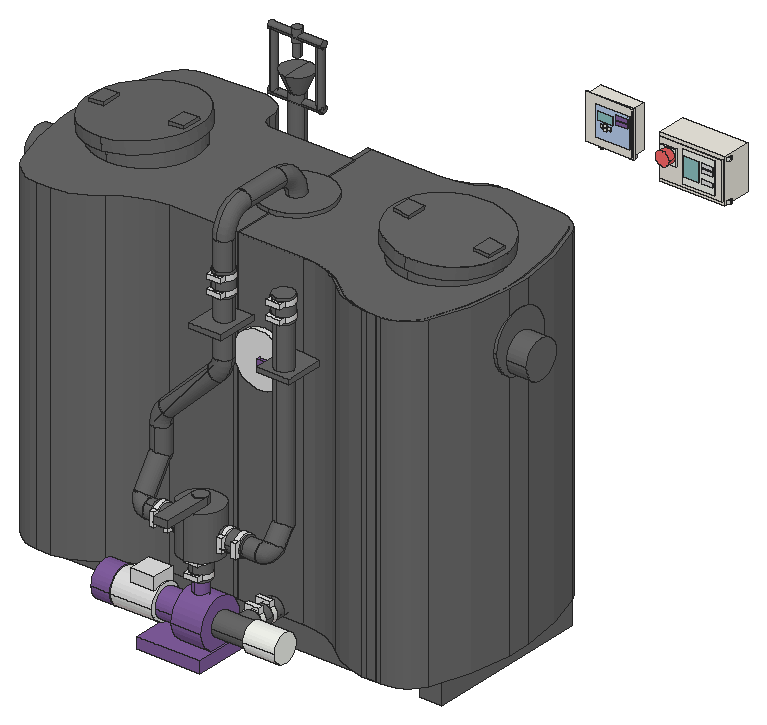
Revit family "93007.02_ms", category Generic Models, Revit 2021
Family settings
  Can host rebar = No
  Round Connector Dimension = Use Diameter
  Part Type = Normal
  Work Plane-Based = No
  Always vertical = Yes
  Cut with Voids When Loaded = No
  Shared = Yes
  Room Calculation Point = No
Parameters (values of type "93007.02_MS")
  SUPPLIER = "KESSEL"
  SA810ID06 = "4026092065044"
  SA810ID03 = "93007.02/MS"
  SA71009ID06 = 3000 W
  SA71009ID05 = 3600 W
  SA71009ID04 = 1
  SA700ID17 = 1255 mm
  SA700ID14 = "ohne Angabe"
  SA700ID13 = 70 mm
  SA700ID09 = 1678 mm
  SA700ID08 = 940 mm
  SA700ID07 = 1910 mm
  SA700ID06 = 700
  SA700ID05 = 7
  SA700ID04 = "Grease separator EasyClean free NS 7, Mix & Pump, SonicControl"
  SA500ID03 = "Sludge trap, integrated"
  SA400ID03 = "PE (Polyethylen)"
  SA250ID03 = "temperierte Umhausung"
  SA200ID03 = "free-standing set-up"
  SA100ID04 = "Abscheideranlage für Fette (Schlammfang und Fettabscheider)"
  PROCUREWEBLINK = "https://p.caden.as/kessel/93007.02%2FMS"
  PROCURELINK = "p.caden.as/kessel/93007.02%2FMS"
  PROCUREDATALASTUPDATE = "2024-05-22T12:18:15.340865712+01:00"
  PRC_SPECIFICATIONLINK = "https://ausschreiben.de/catalog/kessel/catalogItem/1dc75901-4dd0-4659-910a-3110c6bda503"
  NN = "EasyClean free Mix & Pump grease separator"
  NBSYN = "$SA810ID03."
  NB = "93007.02/MS"
  Model = "93007.02/MS"
  Manufacturer = "KESSEL"
  MIdent = "{$CADENAS_DATA/23d-libs/kessel/kessel_vdi_import/40/abscheideranlage20fuer20fette/easyclean_free_mix_pump.prj},210 {STYP=ASS},{VTYP=3D},{NB=93007.02/MS},{LINA=93007.02/MS},{NN=EasyClean free Mix & Pump grease separator},{DATE=21.12.2022 12:04:43},{GEOMDATE=17.11.2022 09:57:07},{VERSION=},{LINEID=220},{WBVAR=},{WBNUMERIC=}  {NB=93007.02/MS},{LINA=93007.02/MS},{KT=DUMMY},{PREVIEW=../../bilder/ksb_w_9300702ms.png},{SA700ID04=Fettabscheider EasyClean free NS 7, Mix & Pump, SonicControl},{SA810ID06=4026092065044},{SA010ID04=KESSEL AG},{SA810ID03=93007.02/MS},{SA100ID04=Abscheideranlage für Fette (Schlammfang und Fettabscheider)},{SA200ID03=Freiaufstellung},{SA400ID03=PE (Polyethylen)},{SA500ID03=Schlammfang integriert},{SA700ID05=7.00},{SA700ID06=700},{SA71009ID04=1},{SA71009ID05=3.60},{SA71009ID06=3.00},{SA250ID03=temperierte Umhausung},{SA700ID07=1910},{SA700ID09=1678},{SA700ID13=70},{SA700ID17=1255},{SA700ID08=940},{SA810ID10=\\\"Der Abscheider für fetthaltiges Abwasser ist für die freie Aufstellung in frostgeschützten Räumen geeignet und verzichtet auf metallische Bauteile im Behälter. Der Sammelbehälter aus dauerhaft beständigem Kunststoff (PE) ist mit einem integrierten Schlammfang ausgestattet und besitzt ein konisch zulaufendes Bodenteil für eine schnelle und saubere Entsorgung. Zwei geruchsdichte Deckel mit Schnellspannverschlüssen ermöglichen einen einfachen Zugang für Reinigungs- und Wartungsarbeiten.Das innovative Schredder-Mix-System mit integriertem Zerhacker übernimmt die Homogenisierung und Umwälzung des Behälterinhaltes. Die Reinigung und geruchsneutrale Entsorgung erfolgt dabei über eine außenliegende Pumpe mit 2-Wege-Ventil und Umschalthebel, die mit einem Absperrschieber vom Behälter getrennt werden kann. Nach der Entsorgung sind nur noch max. 3 Liter Schlammrestvolumen im Behälter vorhanden.Die manuelle Steuerung erfolgt durch ein anwenderfreundliches Schaltgerät, das über einen potentialfreien Kontakt in die Gebäudeleittechnik eingebunden werden kann.Gewährleistung auf den Werkstoff PE 20 Jahre.Ausführung:Absperreinrichtung: jaEntsorgungsart: manuelles Entsorgungs- und ReinigungssystemEntsorgungseinrichtung: EntsorgungspumpeEntsorgungsvariante: Mix & PumpFülleinrichtung nach DIN 1988: jaNenngröße (NS): 7Schauglas: jaSchredder-Mix-System: jaSonicControl: jaWasserversorgung: 1 Schraubventil 1\\\"\\\"Tragfähigkeit (DIN 19901): F3Lieferumfang: Storz-B-Kupplung R 2 1/2 \\\"\\\" für SaugwagenanschlussEinbausituation: freie AufstellungAllgemeine Merkmale:Material: PENorm: EN 1825: 2004, DIN 4040-100Abmessungen:Aufstellfläche Länge: 2.147 mmAufstellfläche Breite: 1.108 mmAufstellfläche Höhe: 1.892 mmEinbringmaß Länge: 1.910 mmEinbringmaß Breite: 940 mmEinbringmaß Höhe: 1.678 mmBehälter/Grundkörper:Zulauf Nennweite (DN): 150 mmZulauf Nennweite (DA): 160 mmAuslauf Nennweite (DN): 150Auslauf Nennweite (DA): 160Abstand Rohrsohle Zulauf zu Behälterboden: 1.255 mmAbstand Rohrsohle Auslauf zu Behälterboden: 1.185 mmAnschluss Zu-/Auslaufstutzen: PE-HD-Rohre nach DIN 19537, HT-Rohre nach DIN 19560, PP oder ASDruckabgang (DA): 75 mmDruckabgang (DN): 65 mmNenndruck (PN): 10Abdeckungsmerkmale:Abdeckungsart: DeckelAbdeckung Material: KunststoffAbdeckung Farbe: violettDichtheit: geruchsdichtVerriegelung: SchnellspannverschlussAbwasserinhalt:Abscheiderinhalt: 650 lGesamtvolumen: 1.350 lSchlammfanginhalt: 700 lSpeichermenge an Fett: 280 lFördereinrichtung:Pumpe: SPF 300 KE 2.0Anzahl Pumpen: 1Förderhöhe max.: 17 mFörderleistung max.: 60 m3/hBetriebsspannung: 400 VNetzfrequenz: 50 HzBetriebsart: S2 - 30 Min.Leistung P1: 3,6 kWLeistung P2: 3 kWDrehzahl: 2.850 U/minErforderliche Absicherung (Leitungsschutz): Absicherung über Schaltgerät 400 VFörderguttemperatur (dauerhaft) max.: 40 °CAnschlusstyp: DirektanschlussGewicht: 44 kgLaufrad Typ: Radiallaufrad mit ZerhackerLänge Netzanschlussleitung Pumpe: 5 mNennstrom: 6,2 ASchutzart Pumpe: IP 55Schutzklasse: ITyp Anschlussleitung Pumpe: H07RN-F 7G 1,5 mm2Temperaturüberwachung: integriertSteuerung:Schaltgerät: jaBetriebsspannung: 400 VNetzfrequenz: 50 HzSelbstdiagnosesystem (SDS): jaBatteriepufferung: neinMehrzeilige Displayanzeige: neinLogbuchfunktion: neinUSB-Schnittstelle: neinGSM-Schnittstelle: neinPotentialfreier Kontakt: jaErforderliche Absicherung (Leitungsschutz): 3 x C 16 AErforderliche Absicherung (RCD): 30 mAMotorschutz Schalter: jaSchutzart Schaltgerät: IP 54\\\"},{SA700ID14=ohne Angabe},{LODLEVEL=0},{CATEGORY3AA=},{CATEGORY3AB=EasyClean free Mix & Pump},{CATEGORY3AC=},{CATEGORY3AD=},{CATEGORY3AE=},{CATEGORY3AF=},{BEZEICHNUNG=},{BREITE=0.0},{TIEFE=MIN},{HOEHE=MIN},{MASSE=MIN},{LOD_=0,'Low'},{LOD_DEU=0,'Low'},{LOD_3DB=93007.02/MS_0},{DNIN1=150},{DNIN2=10},{DNIN3=10},{DNIN4=10},{DNIN5=MIN},{DNIN6=MIN},{DNIN7=MIN},{DNOUT1=150},{DNOUT2=50},{ISD=80},{ISD2=10},{SA960ID03=101},{SA960ID04=3L},{SA960ID08=http://www.kessel.de/info?han=93007.02/MS},{SA010ID01=010},{SA010ID02=40},{SA010ID06=www.kessel.de},{SA010ID08=4026092000007},{SA100ID01=100},{SA100ID02=1},{SA740ID01=740},{SA200ID01=200},{SA200ID02=1},{SA250ID01=250},{SA250ID02=1},{SA400ID01=400},{SA400ID02=1},{SA500ID01=500},{SA500ID02=1},{SA700ID01=700},{SA700ID02=101},{SA700ID14_=0},{SA71009ID01=710.09},{SA71009ID02=1},{SA71009ID03=SPF 300 KE 2.0},{SA71009ID07=IP55},{SA71009ID08=1},{SA71009ID09=1},{SA71009ID10=60},{SA71009ID11=17},{SA810ID01=810},{SA810ID02=101},{SA810ID04=93007.02/MS},{SA810ID07=101},{SA810ID14=PCE},{LINK=http://www.kessel.de/info?han=93007.02/MS},{LINK_=http://www.kessel.de/info?han=93007.02/MS},{LINK_DEU=http://www.kessel.de/info?han=93007.02/MS},{LODLEVELVIS=Low}"
  LINK = "http://www.kessel.de/info?han=93007.02/MS"
  LINA = "93007.02/MS"
  Default Elevation = 0 mm
  CREATOR = "CADENAS GmbH"
  CATALOG = "KESSEL"
  BOMINFO = "LINA"
  ARTICLENO = "NB"
Reference planes
  plane 1 "Center (Front/Back)": y = 0
  plane 2: z = 0
  plane 3 "Center (Left/Right)": x = 0
Dimensions and locks
  aligned and locked: level to plane 2
Nested families
  nested 1: "93007.02_ms_content" at (0, 0, 0), type "93007.02_MS_Content"
  nested 2: "93007.02_ms_part1_X0Y0" at (1000, 1000, 1500), type "93007.02_MS_PART1_X0Y0"
  nested 3: "93007.02_ms_part2_X0Y0" at (600, 1000, 1500), type "93007.02_MS_PART2_X0Y0"
  nested 4: "93007.02_ms_part3_X0Y0" at (0, 0, 0), type "93007.02_MS_PART3_X0Y0"
Connectors
  electrical at (910.5, 933.5, 1478)
    settings: on nested 2, index 1, voltage 0 V, apparent load 0 VA, apparent load phase1 0 VA, apparent load phase2 0 VA, apparent load phase3 0 VA, power factor 1, load classification "Other", number of poles 1, system type 31, power factor state 1, is connector primary yes, connector utility no, sub classification motor no, connector description ""
  electrical at (536, 972.5, 1469)
    settings: on nested 3, index 2, voltage 0 V, apparent load 0 VA, apparent load phase1 0 VA, apparent load phase2 0 VA, apparent load phase3 0 VA, power factor 1, load classification "Other", number of poles 1, system type 31, power factor state 1, is connector primary no, connector utility no, sub classification motor no, connector description ""
  piping at (-1103.3, 0, 1336), diameter 150
    settings: on nested 4, index 3, connector inside diameter 609.6 mm, connector length 0 mm, flow factor 0, pipe flow 0.0 L/s, pressure drop 0.0 Pa, fitting loss kfactor 0, connector angle 0.00°, fixture units 0, engagement length 0 mm, angle of deflection 0.00°, flow configuration 0, flow direction 1, fitting loss method 2, system type 8, joint type 0, gender type 0, connector reference index -1, connector utility 0, adjustable connector no, is connector primary yes, connector description ""
  piping at (1050.4, 0, 1265), diameter 150
    settings: on nested 4, index 4, connector inside diameter 609.6 mm, connector length 0 mm, flow factor 0, pipe flow 0.0 L/s, pressure drop 0.0 Pa, fitting loss kfactor 0, connector angle 0.00°, fixture units 0, engagement length 0 mm, angle of deflection 0.00°, flow configuration 0, flow direction 2, fitting loss method 2, system type 7, joint type 0, gender type 0, connector reference index -1, connector utility 0, adjustable connector no, is connector primary no, connector description ""
  piping at (-306, 386, 1897.9), diameter 10
    settings: on nested 4, index 5, connector inside diameter 609.6 mm, connector length 0 mm, flow factor 0, pipe flow 0.0 L/s, pressure drop 0.0 Pa, fitting loss kfactor 0, connector angle 0.00°, fixture units 0, engagement length 0 mm, angle of deflection 0.00°, flow configuration 0, flow direction 1, fitting loss method 2, system type 8, joint type 0, gender type 0, connector reference index -1, connector utility 0, adjustable connector no, is connector primary no, connector description ""
  piping at (290, -432.5, 1442), diameter 50
    settings: on nested 4, index 6, connector inside diameter 609.6 mm, connector length 0 mm, flow factor 0, pipe flow 0.0 L/s, pressure drop 0.0 Pa, fitting loss kfactor 0, connector angle 0.00°, fixture units 0, engagement length 0 mm, angle of deflection 0.00°, flow configuration 0, flow direction 2, fitting loss method 2, system type 7, joint type 0, gender type 0, connector reference index -1, connector utility 0, adjustable connector no, is connector primary no, connector description ""
  electrical at (-212, -514.5, 248.5)
    settings: on nested 4, index 7, voltage 0 V, apparent load 0 VA, apparent load phase1 0 VA, apparent load phase2 0 VA, apparent load phase3 0 VA, power factor 1, load classification "Other", number of poles 1, system type 31, power factor state 1, is connector primary no, connector utility no, sub classification motor no, connector description ""
Definition of nested family "93007.02_ms_part1_X0Y0"
  Parameters (values of type "93007.02_MS_PART1_X0Y0")
    SUPPLIER = "KESSEL"
    SA810ID06 = "4026092065044"
    SA810ID03 = "93007.02/MS"
    SA71009ID06 = 3000 W
    SA71009ID05 = 3600 W
    SA71009ID04 = 1
    SA700ID17 = 1255 mm
    SA700ID14 = "ohne Angabe"
    SA700ID13 = 70 mm
    SA700ID09 = 1678 mm
    SA700ID08 = 940 mm
    SA700ID07 = 1910 mm
    SA700ID06 = 700
    SA700ID05 = 7
    SA700ID04 = "Grease separator EasyClean free NS 7, Mix & Pump, SonicControl"
    SA500ID03 = "Sludge trap, integrated"
    SA400ID03 = "PE (Polyethylen)"
    SA250ID03 = "temperierte Umhausung"
    SA200ID03 = "free-standing set-up"
    SA100ID04 = "Abscheideranlage für Fette (Schlammfang und Fettabscheider)"
    NBSYN = "$SA810ID03._PART1"
    NB = "93007.02/MS_PART1"
    Model = "93007.02/MS_PART1"
    Manufacturer = "KESSEL"
    MIdent = "{$CADENAS_DATA/23d-libs/kessel/kessel_vdi_import/40/abscheideranlage20fuer20fette/easyclean_free_mix_pump.prj},230 {VTYP=3D},{NB=93007.02/MS_PART1},{LINA=93007.02/MS_PART1},{NN=EasyClean free Mix & Pump grease separator_PART1},{NOPRJ=TRUE},{DATE=21.12.2022 12:04:43},{GEOMDATE=17.11.2022 09:57:07},{VERSION=},{LINEID=220},{WBVAR=},{WBNUMERIC=}  {NB=93007.02/MS_PART1},{LINA=93007.02/MS_PART1},{KT=DUMMY},{PREVIEW=../../bilder/ksb_w_9300702ms.png},{SA700ID04=Fettabscheider EasyClean free NS 7, Mix & Pump, SonicControl},{SA810ID06=4026092065044},{SA010ID04=KESSEL AG},{SA810ID03=93007.02/MS},{SA100ID04=Abscheideranlage für Fette (Schlammfang und Fettabscheider)},{SA200ID03=Freiaufstellung},{SA400ID03=PE (Polyethylen)},{SA500ID03=Schlammfang integriert},{SA700ID05=7.00},{SA700ID06=700},{SA71009ID04=1},{SA71009ID05=3.60},{SA71009ID06=3.00},{SA250ID03=temperierte Umhausung},{SA700ID07=1910},{SA700ID09=1678},{SA700ID13=70},{SA700ID17=1255},{SA700ID08=940},{SA810ID10=\\\"Der Abscheider für fetthaltiges Abwasser ist für die freie Aufstellung in frostgeschützten Räumen geeignet und verzichtet auf metallische Bauteile im Behälter. Der Sammelbehälter aus dauerhaft beständigem Kunststoff (PE) ist mit einem integrierten Schlammfang ausgestattet und besitzt ein konisch zulaufendes Bodenteil für eine schnelle und saubere Entsorgung. Zwei geruchsdichte Deckel mit Schnellspannverschlüssen ermöglichen einen einfachen Zugang für Reinigungs- und Wartungsarbeiten.Das innovative Schredder-Mix-System mit integriertem Zerhacker übernimmt die Homogenisierung und Umwälzung des Behälterinhaltes. Die Reinigung und geruchsneutrale Entsorgung erfolgt dabei über eine außenliegende Pumpe mit 2-Wege-Ventil und Umschalthebel, die mit einem Absperrschieber vom Behälter getrennt werden kann. Nach der Entsorgung sind nur noch max. 3 Liter Schlammrestvolumen im Behälter vorhanden.Die manuelle Steuerung erfolgt durch ein anwenderfreundliches Schaltgerät, das über einen potentialfreien Kontakt in die Gebäudeleittechnik eingebunden werden kann.Gewährleistung auf den Werkstoff PE 20 Jahre.Ausführung:Absperreinrichtung: jaEntsorgungsart: manuelles Entsorgungs- und ReinigungssystemEntsorgungseinrichtung: EntsorgungspumpeEntsorgungsvariante: Mix & PumpFülleinrichtung nach DIN 1988: jaNenngröße (NS): 7Schauglas: jaSchredder-Mix-System: jaSonicControl: jaWasserversorgung: 1 Schraubventil 1\\\"\\\"Tragfähigkeit (DIN 19901): F3Lieferumfang: Storz-B-Kupplung R 2 1/2 \\\"\\\" für SaugwagenanschlussEinbausituation: freie AufstellungAllgemeine Merkmale:Material: PENorm: EN 1825: 2004, DIN 4040-100Abmessungen:Aufstellfläche Länge: 2.147 mmAufstellfläche Breite: 1.108 mmAufstellfläche Höhe: 1.892 mmEinbringmaß Länge: 1.910 mmEinbringmaß Breite: 940 mmEinbringmaß Höhe: 1.678 mmBehälter/Grundkörper:Zulauf Nennweite (DN): 150 mmZulauf Nennweite (DA): 160 mmAuslauf Nennweite (DN): 150Auslauf Nennweite (DA): 160Abstand Rohrsohle Zulauf zu Behälterboden: 1.255 mmAbstand Rohrsohle Auslauf zu Behälterboden: 1.185 mmAnschluss Zu-/Auslaufstutzen: PE-HD-Rohre nach DIN 19537, HT-Rohre nach DIN 19560, PP oder ASDruckabgang (DA): 75 mmDruckabgang (DN): 65 mmNenndruck (PN): 10Abdeckungsmerkmale:Abdeckungsart: DeckelAbdeckung Material: KunststoffAbdeckung Farbe: violettDichtheit: geruchsdichtVerriegelung: SchnellspannverschlussAbwasserinhalt:Abscheiderinhalt: 650 lGesamtvolumen: 1.350 lSchlammfanginhalt: 700 lSpeichermenge an Fett: 280 lFördereinrichtung:Pumpe: SPF 300 KE 2.0Anzahl Pumpen: 1Förderhöhe max.: 17 mFörderleistung max.: 60 m3/hBetriebsspannung: 400 VNetzfrequenz: 50 HzBetriebsart: S2 - 30 Min.Leistung P1: 3,6 kWLeistung P2: 3 kWDrehzahl: 2.850 U/minErforderliche Absicherung (Leitungsschutz): Absicherung über Schaltgerät 400 VFörderguttemperatur (dauerhaft) max.: 40 °CAnschlusstyp: DirektanschlussGewicht: 44 kgLaufrad Typ: Radiallaufrad mit ZerhackerLänge Netzanschlussleitung Pumpe: 5 mNennstrom: 6,2 ASchutzart Pumpe: IP 55Schutzklasse: ITyp Anschlussleitung Pumpe: H07RN-F 7G 1,5 mm2Temperaturüberwachung: integriertSteuerung:Schaltgerät: jaBetriebsspannung: 400 VNetzfrequenz: 50 HzSelbstdiagnosesystem (SDS): jaBatteriepufferung: neinMehrzeilige Displayanzeige: neinLogbuchfunktion: neinUSB-Schnittstelle: neinGSM-Schnittstelle: neinPotentialfreier Kontakt: jaErforderliche Absicherung (Leitungsschutz): 3 x C 16 AErforderliche Absicherung (RCD): 30 mAMotorschutz Schalter: jaSchutzart Schaltgerät: IP 54\\\"},{SA700ID14=ohne Angabe},{LODLEVEL=0},{CATEGORY3AA=},{CATEGORY3AB=EasyClean free Mix & Pump},{CATEGORY3AC=},{CATEGORY3AD=},{CATEGORY3AE=},{CATEGORY3AF=},{BEZEICHNUNG=},{BREITE=0.0},{TIEFE=MIN},{HOEHE=MIN},{MASSE=MIN},{LOD_=0,'Low'},{LOD_DEU=0,'Low'},{LOD_3DB=93007.02/MS_0},{DNIN1=150},{DNIN2=10},{DNIN3=10},{DNIN4=10},{DNIN5=MIN},{DNIN6=MIN},{DNIN7=MIN},{DNOUT1=150},{DNOUT2=50},{ISD=80},{ISD2=10},{SA960ID03=101},{SA960ID04=3L},{SA960ID08=http://www.kessel.de/info?han=93007.02/MS},{SA010ID01=010},{SA010ID02=40},{SA010ID06=www.kessel.de},{SA010ID08=4026092000007},{SA100ID01=100},{SA100ID02=1},{SA740ID01=740},{SA200ID01=200},{SA200ID02=1},{SA250ID01=250},{SA250ID02=1},{SA400ID01=400},{SA400ID02=1},{SA500ID01=500},{SA500ID02=1},{SA700ID01=700},{SA700ID02=101},{SA700ID14_=0},{SA71009ID01=710.09},{SA71009ID02=1},{SA71009ID03=SPF 300 KE 2.0},{SA71009ID07=IP55},{SA71009ID08=1},{SA71009ID09=1},{SA71009ID10=60},{SA71009ID11=17},{SA810ID01=810},{SA810ID02=101},{SA810ID04=93007.02/MS},{SA810ID07=101},{SA810ID14=PCE},{LINK=http://www.kessel.de/info?han=93007.02/MS},{LINK_=http://www.kessel.de/info?han=93007.02/MS},{LINK_DEU=http://www.kessel.de/info?han=93007.02/MS},{LODLEVELVIS=Low}"
    LINK = "http://www.kessel.de/info?han=93007.02/MS"
    LINA = "93007.02/MS_PART1"
    Default Elevation = 1219.2 mm
    CREATOR = "CADENAS GmbH"
    CATALOG = "KESSEL"
    BOMINFO = "LINA"
    ARTICLENO = "NB"
  Reference planes
    plane 1 "Center (Front/Back)": y = 0
    plane 2: z = 0
    plane 3 "Center (Left/Right)": x = 0
  Dimensions and locks
    aligned and locked: level to plane 2
  Nested families
    nested 1: "93007.02_ms_part1_content" at (0, 0, 0), type "93007.02_MS_PART1_Content"
  Definition of nested family "93007.02_ms_part1_content"
    Parameters (values of type "93007.02_MS_PART1_Content")
      SUPPLIER = "KESSEL"
      SA810ID06 = "4026092065044"
      SA810ID03 = "93007.02/MS"
      SA71009ID06 = 3000 W
      SA71009ID05 = 3600 W
      SA71009ID04 = 1
      SA700ID17 = 1255 mm
      SA700ID14 = "ohne Angabe"
      SA700ID13 = 70 mm
      SA700ID09 = 1678 mm
      SA700ID08 = 940 mm
      SA700ID07 = 1910 mm
      SA700ID06 = 700
      SA700ID05 = 7
      SA700ID04 = "Grease separator EasyClean free NS 7, Mix & Pump, SonicControl"
      SA500ID03 = "Sludge trap, integrated"
      SA400ID03 = "PE (Polyethylen)"
      SA250ID03 = "temperierte Umhausung"
      SA200ID03 = "free-standing set-up"
      SA100ID04 = "Abscheideranlage für Fette (Schlammfang und Fettabscheider)"
      NBSYN = "$SA810ID03._PART1"
      NB = "93007.02/MS_PART1"
      Model = "93007.02/MS_PART1"
      Manufacturer = "KESSEL"
      LINK = "http://www.kessel.de/info?han=93007.02/MS"
      LINA = "93007.02/MS_PART1"
      Default Elevation = 1219.2 mm
      CREATOR = "CADENAS GmbH"
      CATALOG = "KESSEL"
      BOMINFO = "LINA"
      ARTICLENO = "NB"
    Reference planes
      plane 1 "Center (Front/Back)": y = 0
      plane 2: z = 0
      plane 3 "Center (Left/Right)": x = 0
    Forms (mm)
      Extrusion 1, solid, detail levels medium+fine
        sketch origin (139, 0, 0) x (0, -1, 0) y (0, 0, 1)
          loop
            line (0, 188) -> (0, 0) -> (122.5, 0) -> (122.5, 188) -> (0, 188)
        from 0 to 278
      Extrusion 2, solid, detail levels medium+fine
        sketch origin (130, -122.5, 14) x (0, -1, 0) y (0, 0, 1)
          loop
            line (0, 160) -> (0, 0) -> (5, 0) -> (5, 160) -> (0, 160)
        from 0 to 269
      Extrusion 3, solid, detail levels medium+fine
        sketch origin (100, -127.5, 26) x (0, -1, 0) y (0, 0, 1)
          loop
            line (-1.5, 135) -> (-1.5, 0) -> (0.2, 0) -> (0.2, 135) -> (-1.5, 135)
        from 0 to 140
      Extrusion 4, solid, detail levels medium+fine
        sketch origin (32.5, -127.7, 55) x (0, -1, 0) y (0, 0, 1)
          loop
            line (-1.5, 79) -> (-1.5, 0) -> (0.1, 0) -> (0.1, 79) -> (-1.5, 79)
        from 0 to 65
      Extrusion 5, solid, detail levels medium+fine
        sketch origin (92.5, -127.7, 97) x (0, -1, 0) y (0, 0, 1)
          loop
            line (-1.5, 16) -> (-1.5, 0) -> (0.1, 0) -> (0.1, 16) -> (-1.5, 16)
        from 0 to 51
      Extrusion 6, solid, detail levels medium+fine
        sketch origin (92.5, -127.7, 55) x (0, -1, 0) y (0, 0, 1)
          loop
            line (-1.5, 16) -> (-1.5, 0) -> (0.1, 0) -> (0.1, 16) -> (-1.5, 16)
        from 0 to 51
      Extrusion 7, solid, detail levels medium+fine
        sketch origin (92.5, -127.7, 118) x (0, -1, 0) y (0, 0, 1)
          loop
            line (-1.5, 16) -> (-1.5, 0) -> (0.1, 0) -> (0.1, 16) -> (-1.5, 16)
        from 0 to 51
      Extrusion 8, solid, detail levels medium+fine
        sketch origin (0.25, -66.5, 1.5) x (0.866025, 0.5, 0) y (0.5, -0.866025, 0)
          loop
            circle (0, 0) r 10
        from 0 to 2.5
      Extrusion 9, solid, detail levels medium+fine
        sketch origin (-63, -127.5, 84) x (0, -1, 0) y (0, 0, 1)
          loop
            line (0, 67) -> (0, 0) -> (7, 0) -> (7, 67) -> (0, 67)
        from 0 to 67
      Extrusion 10, solid, detail levels medium+fine
        sketch origin (-96.5, -134.5, 117.5) x (1, 0, 0) y (0, 0, 1)
          loop
            circle (0, 0) r 29.5
        from 0 to 29
      Extrusion 11, solid, detail levels medium+fine
        sketch origin (30.25, -66.5, 1.5) x (0.866025, 0.5, 0) y (0.5, -0.866025, 0)
          loop
            circle (0, 0) r 10
        from 0 to 2.5
      Extrusion 12, solid, detail levels medium+fine
        sketch origin (60.25, -66.5, 1.5) x (0.866025, 0.5, 0) y (0.5, -0.866025, 0)
          loop
            circle (0, 0) r 10
        from 0 to 2.5
      Extrusion 13, solid, detail levels medium+fine
        sketch origin (-44.5, -66.5, 0) x (0.866025, 0.5, 0) y (0.5, -0.866025, 0)
          loop
            line (0, 17.321) -> (-15, 8.66) -> (-15, -8.66) -> (0, -17.321) -> (15, -8.66) -> (15, 8.66) -> (0, 17.321)
        from 0 to 22
      Extrusion 14, solid, detail levels medium+fine
        sketch origin (-89.5, -66.5, 0) x (0.866025, 0.5, 0) y (0.5, -0.866025, 0)
          loop
            line (0, 17.321) -> (-15, 8.66) -> (-15, -8.66) -> (0, -17.321) -> (15, -8.66) -> (15, 8.66) -> (0, 17.321)
        from 0 to 22
      Extrusion 15, solid, detail levels medium+fine
        sketch origin (-128, 0, 177) x (-1, 0, 0) y (0, 0, 1)
          loop
            circle (0, 0) r 7.5
        from 0 to 2
      Extrusion 16, solid, detail levels medium+fine
        sketch origin (-128, 0, 11) x (-1, 0, 0) y (0, 0, 1)
          loop
            circle (0, 0) r 7.5
        from 0 to 2
      Extrusion 17, solid, detail levels medium+fine
        sketch origin (128, 0, 11) x (-1, 0, 0) y (0, 0, 1)
          loop
            circle (0, 0) r 7.5
        from 0 to 2
      Extrusion 18, solid, detail levels medium+fine
        sketch origin (128, 0, 177) x (-1, 0, 0) y (0, 0, 1)
          loop
            circle (0, 0) r 7.5
        from 0 to 2
      Extrusion 19, solid, detail levels medium+fine
        sketch origin (143.5, -100.5, 170) x (-1, 0, 0) y (0, -1, 0)
          loop
            circle (0, 0) r 5
        from 0 to 14
      Extrusion 20, solid, detail levels medium+fine
        sketch origin (139, -100.5, 170) x (0, -1, 0) y (1, 0, 0)
          loop
            line (0, 9.5) -> (0, 0) -> (20, 0) -> (0, 9.5)
        from 0 to 14
      Extrusion 21, solid, detail levels medium+fine
        sketch origin (143.5, -100.5, 4) x (-1, 0, 0) y (0, -1, 0)
          loop
            circle (0, 0) r 5
        from 0 to 14
      Extrusion 22, solid, detail levels medium+fine
        sketch origin (139, -100.5, 4) x (0, -1, 0) y (1, 0, 0)
          loop
            line (0, 9.5) -> (0, 0) -> (20, 0) -> (0, 9.5)
        from 0 to 14
      Extrusion 23, solid, detail levels coarse
        sketch origin (4.75, -80.75, -22) x (1, 0, 0) y (0, 1, 0)
          loop
            line (-143.75, -82.75) -> (143.75, -82.75) -> (143.75, 82.75) -> (-143.75, 82.75) -> (-143.75, -82.75)
        from 0 to 210
    Dimensions and locks
      aligned and locked: level to plane 2
Definition of nested family "93007.02_ms_part2_X0Y0"
  Parameters (values of type "93007.02_MS_PART2_X0Y0")
    SUPPLIER = "KESSEL"
    SA810ID06 = "4026092065044"
    SA810ID03 = "93007.02/MS"
    SA71009ID06 = 3000 W
    SA71009ID05 = 3600 W
    SA71009ID04 = 1
    SA700ID17 = 1255 mm
    SA700ID14 = "ohne Angabe"
    SA700ID13 = 70 mm
    SA700ID09 = 1678 mm
    SA700ID08 = 940 mm
    SA700ID07 = 1910 mm
    SA700ID06 = 700
    SA700ID05 = 7
    SA700ID04 = "Grease separator EasyClean free NS 7, Mix & Pump, SonicControl"
    SA500ID03 = "Sludge trap, integrated"
    SA400ID03 = "PE (Polyethylen)"
    SA250ID03 = "temperierte Umhausung"
    SA200ID03 = "free-standing set-up"
    SA100ID04 = "Abscheideranlage für Fette (Schlammfang und Fettabscheider)"
    NBSYN = "$SA810ID03._PART2"
    NB = "93007.02/MS_PART2"
    Model = "93007.02/MS_PART2"
    Manufacturer = "KESSEL"
    MIdent = "{$CADENAS_DATA/23d-libs/kessel/kessel_vdi_import/40/abscheideranlage20fuer20fette/easyclean_free_mix_pump.prj},230 {VTYP=3D},{NB=93007.02/MS_PART2},{LINA=93007.02/MS_PART2},{NN=EasyClean free Mix & Pump grease separator_PART2},{NOPRJ=TRUE},{DATE=21.12.2022 12:04:43},{GEOMDATE=17.11.2022 09:57:07},{VERSION=},{LINEID=220},{WBVAR=},{WBNUMERIC=}  {NB=93007.02/MS_PART2},{LINA=93007.02/MS_PART2},{KT=DUMMY},{PREVIEW=../../bilder/ksb_w_9300702ms.png},{SA700ID04=Fettabscheider EasyClean free NS 7, Mix & Pump, SonicControl},{SA810ID06=4026092065044},{SA010ID04=KESSEL AG},{SA810ID03=93007.02/MS},{SA100ID04=Abscheideranlage für Fette (Schlammfang und Fettabscheider)},{SA200ID03=Freiaufstellung},{SA400ID03=PE (Polyethylen)},{SA500ID03=Schlammfang integriert},{SA700ID05=7.00},{SA700ID06=700},{SA71009ID04=1},{SA71009ID05=3.60},{SA71009ID06=3.00},{SA250ID03=temperierte Umhausung},{SA700ID07=1910},{SA700ID09=1678},{SA700ID13=70},{SA700ID17=1255},{SA700ID08=940},{SA810ID10=\\\"Der Abscheider für fetthaltiges Abwasser ist für die freie Aufstellung in frostgeschützten Räumen geeignet und verzichtet auf metallische Bauteile im Behälter. Der Sammelbehälter aus dauerhaft beständigem Kunststoff (PE) ist mit einem integrierten Schlammfang ausgestattet und besitzt ein konisch zulaufendes Bodenteil für eine schnelle und saubere Entsorgung. Zwei geruchsdichte Deckel mit Schnellspannverschlüssen ermöglichen einen einfachen Zugang für Reinigungs- und Wartungsarbeiten.Das innovative Schredder-Mix-System mit integriertem Zerhacker übernimmt die Homogenisierung und Umwälzung des Behälterinhaltes. Die Reinigung und geruchsneutrale Entsorgung erfolgt dabei über eine außenliegende Pumpe mit 2-Wege-Ventil und Umschalthebel, die mit einem Absperrschieber vom Behälter getrennt werden kann. Nach der Entsorgung sind nur noch max. 3 Liter Schlammrestvolumen im Behälter vorhanden.Die manuelle Steuerung erfolgt durch ein anwenderfreundliches Schaltgerät, das über einen potentialfreien Kontakt in die Gebäudeleittechnik eingebunden werden kann.Gewährleistung auf den Werkstoff PE 20 Jahre.Ausführung:Absperreinrichtung: jaEntsorgungsart: manuelles Entsorgungs- und ReinigungssystemEntsorgungseinrichtung: EntsorgungspumpeEntsorgungsvariante: Mix & PumpFülleinrichtung nach DIN 1988: jaNenngröße (NS): 7Schauglas: jaSchredder-Mix-System: jaSonicControl: jaWasserversorgung: 1 Schraubventil 1\\\"\\\"Tragfähigkeit (DIN 19901): F3Lieferumfang: Storz-B-Kupplung R 2 1/2 \\\"\\\" für SaugwagenanschlussEinbausituation: freie AufstellungAllgemeine Merkmale:Material: PENorm: EN 1825: 2004, DIN 4040-100Abmessungen:Aufstellfläche Länge: 2.147 mmAufstellfläche Breite: 1.108 mmAufstellfläche Höhe: 1.892 mmEinbringmaß Länge: 1.910 mmEinbringmaß Breite: 940 mmEinbringmaß Höhe: 1.678 mmBehälter/Grundkörper:Zulauf Nennweite (DN): 150 mmZulauf Nennweite (DA): 160 mmAuslauf Nennweite (DN): 150Auslauf Nennweite (DA): 160Abstand Rohrsohle Zulauf zu Behälterboden: 1.255 mmAbstand Rohrsohle Auslauf zu Behälterboden: 1.185 mmAnschluss Zu-/Auslaufstutzen: PE-HD-Rohre nach DIN 19537, HT-Rohre nach DIN 19560, PP oder ASDruckabgang (DA): 75 mmDruckabgang (DN): 65 mmNenndruck (PN): 10Abdeckungsmerkmale:Abdeckungsart: DeckelAbdeckung Material: KunststoffAbdeckung Farbe: violettDichtheit: geruchsdichtVerriegelung: SchnellspannverschlussAbwasserinhalt:Abscheiderinhalt: 650 lGesamtvolumen: 1.350 lSchlammfanginhalt: 700 lSpeichermenge an Fett: 280 lFördereinrichtung:Pumpe: SPF 300 KE 2.0Anzahl Pumpen: 1Förderhöhe max.: 17 mFörderleistung max.: 60 m3/hBetriebsspannung: 400 VNetzfrequenz: 50 HzBetriebsart: S2 - 30 Min.Leistung P1: 3,6 kWLeistung P2: 3 kWDrehzahl: 2.850 U/minErforderliche Absicherung (Leitungsschutz): Absicherung über Schaltgerät 400 VFörderguttemperatur (dauerhaft) max.: 40 °CAnschlusstyp: DirektanschlussGewicht: 44 kgLaufrad Typ: Radiallaufrad mit ZerhackerLänge Netzanschlussleitung Pumpe: 5 mNennstrom: 6,2 ASchutzart Pumpe: IP 55Schutzklasse: ITyp Anschlussleitung Pumpe: H07RN-F 7G 1,5 mm2Temperaturüberwachung: integriertSteuerung:Schaltgerät: jaBetriebsspannung: 400 VNetzfrequenz: 50 HzSelbstdiagnosesystem (SDS): jaBatteriepufferung: neinMehrzeilige Displayanzeige: neinLogbuchfunktion: neinUSB-Schnittstelle: neinGSM-Schnittstelle: neinPotentialfreier Kontakt: jaErforderliche Absicherung (Leitungsschutz): 3 x C 16 AErforderliche Absicherung (RCD): 30 mAMotorschutz Schalter: jaSchutzart Schaltgerät: IP 54\\\"},{SA700ID14=ohne Angabe},{LODLEVEL=0},{CATEGORY3AA=},{CATEGORY3AB=EasyClean free Mix & Pump},{CATEGORY3AC=},{CATEGORY3AD=},{CATEGORY3AE=},{CATEGORY3AF=},{BEZEICHNUNG=},{BREITE=0.0},{TIEFE=MIN},{HOEHE=MIN},{MASSE=MIN},{LOD_=0,'Low'},{LOD_DEU=0,'Low'},{LOD_3DB=93007.02/MS_0},{DNIN1=150},{DNIN2=10},{DNIN3=10},{DNIN4=10},{DNIN5=MIN},{DNIN6=MIN},{DNIN7=MIN},{DNOUT1=150},{DNOUT2=50},{ISD=80},{ISD2=10},{SA960ID03=101},{SA960ID04=3L},{SA960ID08=http://www.kessel.de/info?han=93007.02/MS},{SA010ID01=010},{SA010ID02=40},{SA010ID06=www.kessel.de},{SA010ID08=4026092000007},{SA100ID01=100},{SA100ID02=1},{SA740ID01=740},{SA200ID01=200},{SA200ID02=1},{SA250ID01=250},{SA250ID02=1},{SA400ID01=400},{SA400ID02=1},{SA500ID01=500},{SA500ID02=1},{SA700ID01=700},{SA700ID02=101},{SA700ID14_=0},{SA71009ID01=710.09},{SA71009ID02=1},{SA71009ID03=SPF 300 KE 2.0},{SA71009ID07=IP55},{SA71009ID08=1},{SA71009ID09=1},{SA71009ID10=60},{SA71009ID11=17},{SA810ID01=810},{SA810ID02=101},{SA810ID04=93007.02/MS},{SA810ID07=101},{SA810ID14=PCE},{LINK=http://www.kessel.de/info?han=93007.02/MS},{LINK_=http://www.kessel.de/info?han=93007.02/MS},{LINK_DEU=http://www.kessel.de/info?han=93007.02/MS},{LODLEVELVIS=Low}"
    LINK = "http://www.kessel.de/info?han=93007.02/MS"
    LINA = "93007.02/MS_PART2"
    Default Elevation = 1219.2 mm
    CREATOR = "CADENAS GmbH"
    CATALOG = "KESSEL"
    BOMINFO = "LINA"
    ARTICLENO = "NB"
  Reference planes
    plane 1 "Center (Front/Back)": y = 0
    plane 2: z = 0
    plane 3 "Center (Left/Right)": x = 0
  Dimensions and locks
    aligned and locked: level to plane 2
  Nested families
    nested 1: "93007.02_ms_part2_content" at (0, 0, 0), type "93007.02_MS_PART2_Content"
  Definition of nested family "93007.02_ms_part2_content"
    Parameters (values of type "93007.02_MS_PART2_Content")
      SUPPLIER = "KESSEL"
      SA810ID06 = "4026092065044"
      SA810ID03 = "93007.02/MS"
      SA71009ID06 = 3000 W
      SA71009ID05 = 3600 W
      SA71009ID04 = 1
      SA700ID17 = 1255 mm
      SA700ID14 = "ohne Angabe"
      SA700ID13 = 70 mm
      SA700ID09 = 1678 mm
      SA700ID08 = 940 mm
      SA700ID07 = 1910 mm
      SA700ID06 = 700
      SA700ID05 = 7
      SA700ID04 = "Grease separator EasyClean free NS 7, Mix & Pump, SonicControl"
      SA500ID03 = "Sludge trap, integrated"
      SA400ID03 = "PE (Polyethylen)"
      SA250ID03 = "temperierte Umhausung"
      SA200ID03 = "free-standing set-up"
      SA100ID04 = "Abscheideranlage für Fette (Schlammfang und Fettabscheider)"
      NBSYN = "$SA810ID03._PART2"
      NB = "93007.02/MS_PART2"
      Model = "93007.02/MS_PART2"
      Manufacturer = "KESSEL"
      LINK = "http://www.kessel.de/info?han=93007.02/MS"
      LINA = "93007.02/MS_PART2"
      Default Elevation = 1219.2 mm
      CREATOR = "CADENAS GmbH"
      CATALOG = "KESSEL"
      BOMINFO = "LINA"
      ARTICLENO = "NB"
    Reference planes
      plane 1 "Center (Front/Back)": y = 0
      plane 2: z = 0
      plane 3 "Center (Left/Right)": x = 0
    Forms (mm)
      Extrusion 1, solid, detail levels medium+fine
        sketch origin (94, 0, 5) x (0, -1, 0) y (0, 0, 1)
          loop
            line (0, 184) -> (0, 0) -> (64.5, 0) -> (64.5, 184) -> (0, 184)
        from 0 to 188
      Extrusion 2, solid, detail levels medium+fine
        sketch origin (104, -64.5, 0) x (0, -1, 0) y (0, 0, 1)
          loop
            line (0, 194) -> (0, 0) -> (3.5, 0) -> (3.5, 194) -> (0, 194)
        from 0 to 208
      Extrusion 3, solid, detail levels medium+fine
        sketch origin (86.3, -68, 33.2) x (0, -1, 0) y (0, 0, 1)
          loop
            line (-0.5, 127) -> (-0.5, 0) -> (1, 0) -> (1, 127) -> (-0.5, 127)
        from 0 to 146
      Extrusion 4, solid, detail levels medium+fine
        sketch origin (6.8, -69, 77.2) x (0, -1, 0) y (0, 0, 1)
          loop
            line (-0.5, 12) -> (-0.5, 0) -> (1, 0) -> (1, 12) -> (-0.5, 12)
        from 0 to 12
      Extrusion 5, solid, detail levels medium+fine
        sketch origin (-9.7, -69, 85.45) x (0, -1, 0) y (0, 0, 1)
          loop
            line (-0.5, 12) -> (-0.5, 0) -> (1, 0) -> (1, 12) -> (-0.5, 12)
        from 0 to 12
      Extrusion 6, solid, detail levels medium+fine
        sketch origin (-9.7, -69, 68.95) x (0, -1, 0) y (0, 0, 1)
          loop
            line (-0.5, 12) -> (-0.5, 0) -> (1, 0) -> (1, 12) -> (-0.5, 12)
        from 0 to 12
      Extrusion 7, solid, detail levels medium+fine
        sketch origin (13.3, -69, 100.45) x (0, -1, 0) y (0, 0, 1)
          loop
            line (-0.5, 37) -> (-0.5, 0) -> (1, 0) -> (1, 37) -> (-0.5, 37)
        from 0 to 65
      Extrusion 8, solid, detail levels medium+fine
        sketch origin (78.8, -69, 110.7) x (0, -1, 0) y (0, 0, 1)
          loop
            line (-0.5, 16) -> (-0.5, 0) -> (1, 0) -> (1, 16) -> (-0.5, 16)
        from 0 to 51
      Extrusion 9, solid, detail levels medium+fine
        sketch origin (-26.2, -69, 77.2) x (0, -1, 0) y (0, 0, 1)
          loop
            line (-0.5, 12) -> (-0.5, 0) -> (1, 0) -> (1, 12) -> (-0.5, 12)
        from 0 to 12
      Extrusion 10, solid, detail levels medium+fine
        sketch origin (78.75, -69, 130.75) x (0, -1, 0) y (0, 0, 1)
          loop
            line (-0.5, 16) -> (-0.5, 0) -> (1, 0) -> (1, 16) -> (-0.5, 16)
        from 0 to 51
      Extrusion 11, solid, detail levels medium+fine
        sketch origin (-64, -27.5, 5) x (1, 0, 0) y (0, -1, 0)
          loop
            circle (0, 0) r 12
        from 0 to 26
      Extrusion 12, solid, detail levels medium+fine
        sketch origin (-64, -27.5, -21) x (1, 0, 0) y (0, -1, 0)
          loop
            circle (0, 0) r 5
        from 0 to 10
      Extrusion 13, solid, detail levels medium+fine
        sketch origin (67, -27.5, 5) x (1, 0, 0) y (0, -1, 0)
          loop
            circle (0, 0) r 12
        from 0 to 26
      Extrusion 14, solid, detail levels coarse
        sketch origin (0, -35, -31) x (1, 0, 0) y (0, 1, 0)
          loop
            line (-104, -35) -> (104, -35) -> (104, 35) -> (-104, 35) -> (-104, -35)
        from 0 to 225
    Dimensions and locks
      aligned and locked: level to plane 2
Definition of nested family "93007.02_ms_part3_X0Y0"
  Parameters (values of type "93007.02_MS_PART3_X0Y0")
    SUPPLIER = "KESSEL"
    SA810ID06 = "4026092065044"
    SA810ID03 = "93007.02/MS"
    SA71009ID06 = 3000 W
    SA71009ID05 = 3600 W
    SA71009ID04 = 1
    SA700ID17 = 1255 mm
    SA700ID14 = "ohne Angabe"
    SA700ID13 = 70 mm
    SA700ID09 = 1678 mm
    SA700ID08 = 940 mm
    SA700ID07 = 1910 mm
    SA700ID06 = 700
    SA700ID05 = 7
    SA700ID04 = "Grease separator EasyClean free NS 7, Mix & Pump, SonicControl"
    SA500ID03 = "Sludge trap, integrated"
    SA400ID03 = "PE (Polyethylen)"
    SA250ID03 = "temperierte Umhausung"
    SA200ID03 = "free-standing set-up"
    SA100ID04 = "Abscheideranlage für Fette (Schlammfang und Fettabscheider)"
    NBSYN = "$SA810ID03._PART3"
    NB = "93007.02/MS_PART3"
    Model = "93007.02/MS_PART3"
    Manufacturer = "KESSEL"
    MIdent = "{$CADENAS_DATA/23d-libs/kessel/kessel_vdi_import/40/abscheideranlage20fuer20fette/easyclean_free_mix_pump.prj},230 {VTYP=3D},{NB=93007.02/MS_PART3},{LINA=93007.02/MS_PART3},{NN=EasyClean free Mix & Pump grease separator_PART3},{NOPRJ=TRUE},{DATE=21.12.2022 12:04:43},{GEOMDATE=17.11.2022 09:57:07},{VERSION=},{LINEID=220},{WBVAR=},{WBNUMERIC=}  {NB=93007.02/MS_PART3},{LINA=93007.02/MS_PART3},{KT=DUMMY},{PREVIEW=../../bilder/ksb_w_9300702ms.png},{SA700ID04=Fettabscheider EasyClean free NS 7, Mix & Pump, SonicControl},{SA810ID06=4026092065044},{SA010ID04=KESSEL AG},{SA810ID03=93007.02/MS},{SA100ID04=Abscheideranlage für Fette (Schlammfang und Fettabscheider)},{SA200ID03=Freiaufstellung},{SA400ID03=PE (Polyethylen)},{SA500ID03=Schlammfang integriert},{SA700ID05=7.00},{SA700ID06=700},{SA71009ID04=1},{SA71009ID05=3.60},{SA71009ID06=3.00},{SA250ID03=temperierte Umhausung},{SA700ID07=1910},{SA700ID09=1678},{SA700ID13=70},{SA700ID17=1255},{SA700ID08=940},{SA810ID10=\\\"Der Abscheider für fetthaltiges Abwasser ist für die freie Aufstellung in frostgeschützten Räumen geeignet und verzichtet auf metallische Bauteile im Behälter. Der Sammelbehälter aus dauerhaft beständigem Kunststoff (PE) ist mit einem integrierten Schlammfang ausgestattet und besitzt ein konisch zulaufendes Bodenteil für eine schnelle und saubere Entsorgung. Zwei geruchsdichte Deckel mit Schnellspannverschlüssen ermöglichen einen einfachen Zugang für Reinigungs- und Wartungsarbeiten.Das innovative Schredder-Mix-System mit integriertem Zerhacker übernimmt die Homogenisierung und Umwälzung des Behälterinhaltes. Die Reinigung und geruchsneutrale Entsorgung erfolgt dabei über eine außenliegende Pumpe mit 2-Wege-Ventil und Umschalthebel, die mit einem Absperrschieber vom Behälter getrennt werden kann. Nach der Entsorgung sind nur noch max. 3 Liter Schlammrestvolumen im Behälter vorhanden.Die manuelle Steuerung erfolgt durch ein anwenderfreundliches Schaltgerät, das über einen potentialfreien Kontakt in die Gebäudeleittechnik eingebunden werden kann.Gewährleistung auf den Werkstoff PE 20 Jahre.Ausführung:Absperreinrichtung: jaEntsorgungsart: manuelles Entsorgungs- und ReinigungssystemEntsorgungseinrichtung: EntsorgungspumpeEntsorgungsvariante: Mix & PumpFülleinrichtung nach DIN 1988: jaNenngröße (NS): 7Schauglas: jaSchredder-Mix-System: jaSonicControl: jaWasserversorgung: 1 Schraubventil 1\\\"\\\"Tragfähigkeit (DIN 19901): F3Lieferumfang: Storz-B-Kupplung R 2 1/2 \\\"\\\" für SaugwagenanschlussEinbausituation: freie AufstellungAllgemeine Merkmale:Material: PENorm: EN 1825: 2004, DIN 4040-100Abmessungen:Aufstellfläche Länge: 2.147 mmAufstellfläche Breite: 1.108 mmAufstellfläche Höhe: 1.892 mmEinbringmaß Länge: 1.910 mmEinbringmaß Breite: 940 mmEinbringmaß Höhe: 1.678 mmBehälter/Grundkörper:Zulauf Nennweite (DN): 150 mmZulauf Nennweite (DA): 160 mmAuslauf Nennweite (DN): 150Auslauf Nennweite (DA): 160Abstand Rohrsohle Zulauf zu Behälterboden: 1.255 mmAbstand Rohrsohle Auslauf zu Behälterboden: 1.185 mmAnschluss Zu-/Auslaufstutzen: PE-HD-Rohre nach DIN 19537, HT-Rohre nach DIN 19560, PP oder ASDruckabgang (DA): 75 mmDruckabgang (DN): 65 mmNenndruck (PN): 10Abdeckungsmerkmale:Abdeckungsart: DeckelAbdeckung Material: KunststoffAbdeckung Farbe: violettDichtheit: geruchsdichtVerriegelung: SchnellspannverschlussAbwasserinhalt:Abscheiderinhalt: 650 lGesamtvolumen: 1.350 lSchlammfanginhalt: 700 lSpeichermenge an Fett: 280 lFördereinrichtung:Pumpe: SPF 300 KE 2.0Anzahl Pumpen: 1Förderhöhe max.: 17 mFörderleistung max.: 60 m3/hBetriebsspannung: 400 VNetzfrequenz: 50 HzBetriebsart: S2 - 30 Min.Leistung P1: 3,6 kWLeistung P2: 3 kWDrehzahl: 2.850 U/minErforderliche Absicherung (Leitungsschutz): Absicherung über Schaltgerät 400 VFörderguttemperatur (dauerhaft) max.: 40 °CAnschlusstyp: DirektanschlussGewicht: 44 kgLaufrad Typ: Radiallaufrad mit ZerhackerLänge Netzanschlussleitung Pumpe: 5 mNennstrom: 6,2 ASchutzart Pumpe: IP 55Schutzklasse: ITyp Anschlussleitung Pumpe: H07RN-F 7G 1,5 mm2Temperaturüberwachung: integriertSteuerung:Schaltgerät: jaBetriebsspannung: 400 VNetzfrequenz: 50 HzSelbstdiagnosesystem (SDS): jaBatteriepufferung: neinMehrzeilige Displayanzeige: neinLogbuchfunktion: neinUSB-Schnittstelle: neinGSM-Schnittstelle: neinPotentialfreier Kontakt: jaErforderliche Absicherung (Leitungsschutz): 3 x C 16 AErforderliche Absicherung (RCD): 30 mAMotorschutz Schalter: jaSchutzart Schaltgerät: IP 54\\\"},{SA700ID14=ohne Angabe},{LODLEVEL=0},{CATEGORY3AA=},{CATEGORY3AB=EasyClean free Mix & Pump},{CATEGORY3AC=},{CATEGORY3AD=},{CATEGORY3AE=},{CATEGORY3AF=},{BEZEICHNUNG=},{BREITE=0.0},{TIEFE=MIN},{HOEHE=MIN},{MASSE=MIN},{LOD_=0,'Low'},{LOD_DEU=0,'Low'},{LOD_3DB=93007.02/MS_0},{DNIN1=150},{DNIN2=10},{DNIN3=10},{DNIN4=10},{DNIN5=MIN},{DNIN6=MIN},{DNIN7=MIN},{DNOUT1=150},{DNOUT2=50},{ISD=80},{ISD2=10},{SA960ID03=101},{SA960ID04=3L},{SA960ID08=http://www.kessel.de/info?han=93007.02/MS},{SA010ID01=010},{SA010ID02=40},{SA010ID06=www.kessel.de},{SA010ID08=4026092000007},{SA100ID01=100},{SA100ID02=1},{SA740ID01=740},{SA200ID01=200},{SA200ID02=1},{SA250ID01=250},{SA250ID02=1},{SA400ID01=400},{SA400ID02=1},{SA500ID01=500},{SA500ID02=1},{SA700ID01=700},{SA700ID02=101},{SA700ID14_=0},{SA71009ID01=710.09},{SA71009ID02=1},{SA71009ID03=SPF 300 KE 2.0},{SA71009ID07=IP55},{SA71009ID08=1},{SA71009ID09=1},{SA71009ID10=60},{SA71009ID11=17},{SA810ID01=810},{SA810ID02=101},{SA810ID04=93007.02/MS},{SA810ID07=101},{SA810ID14=PCE},{LINK=http://www.kessel.de/info?han=93007.02/MS},{LINK_=http://www.kessel.de/info?han=93007.02/MS},{LINK_DEU=http://www.kessel.de/info?han=93007.02/MS},{LODLEVELVIS=Low}"
    LINK = "http://www.kessel.de/info?han=93007.02/MS"
    LINA = "93007.02/MS_PART3"
    Default Elevation = 1219.2 mm
    CREATOR = "CADENAS GmbH"
    CATALOG = "KESSEL"
    BOMINFO = "LINA"
    ARTICLENO = "NB"
  Reference planes
    plane 1 "Center (Front/Back)": y = 0
    plane 2: z = 0
    plane 3 "Center (Left/Right)": x = 0
  Dimensions and locks
    aligned and locked: level to plane 2
  Nested families
    nested 1: "93007.02_ms_part3_content" at (0, 0, 0), type "93007.02_MS_PART3_Content"
  Definition of nested family "93007.02_ms_part3_content"
    Parameters (values of type "93007.02_MS_PART3_Content")
      SUPPLIER = "KESSEL"
      SA810ID06 = "4026092065044"
      SA810ID03 = "93007.02/MS"
      SA71009ID06 = 3000 W
      SA71009ID05 = 3600 W
      SA71009ID04 = 1
      SA700ID17 = 1255 mm
      SA700ID14 = "ohne Angabe"
      SA700ID13 = 70 mm
      SA700ID09 = 1678 mm
      SA700ID08 = 940 mm
      SA700ID07 = 1910 mm
      SA700ID06 = 700
      SA700ID05 = 7
      SA700ID04 = "Grease separator EasyClean free NS 7, Mix & Pump, SonicControl"
      SA500ID03 = "Sludge trap, integrated"
      SA400ID03 = "PE (Polyethylen)"
      SA250ID03 = "temperierte Umhausung"
      SA200ID03 = "free-standing set-up"
      SA100ID04 = "Abscheideranlage für Fette (Schlammfang und Fettabscheider)"
      NBSYN = "$SA810ID03._PART3"
      NB = "93007.02/MS_PART3"
      Model = "93007.02/MS_PART3"
      Manufacturer = "KESSEL"
      LINK = "http://www.kessel.de/info?han=93007.02/MS"
      LINA = "93007.02/MS_PART3"
      Default Elevation = 1219.2 mm
      CREATOR = "CADENAS GmbH"
      CATALOG = "KESSEL"
      BOMINFO = "LINA"
      ARTICLENO = "NB"
    Reference planes
      plane 1 "Center (Front/Back)": y = 0
      plane 2: z = 0
      plane 3 "Center (Left/Right)": x = 0
    Forms (mm)
      Extrusion 1, solid, detail levels medium+fine
        sketch origin (-865.5, -305, 0) x (0, 1, 0) y (0, 0, 1)
          loop
            line (0, 113) -> (0, 0) -> (700, 0) -> (700, 113) -> (0, 113)
        from 0 to 266.5
      Extrusion 2, solid, detail levels medium+fine
        sketch origin (-10.34, 0, 113) x (0, 1, 0) y (-1, 0, 0)
          loop
            arc (-471.76, 667.79) -> (-447.127, 574.331) -> (-396.29, 492.13) r 327.546
            arc (-396.29, 492.13) -> (-336.101, 397.063) -> (-315, 286.54) r 301.203
            line (-315, 286.54) -> (-315, -10.34) -> (314.85, -10.34) -> (315, 349.05)
            arc (315, 349.05) -> (328.731, 383.467) -> (362.383, 398.98) r 49.998
            line (362.383, 398.98) -> (405.15, 401.22)
            arc (405.15, 401.22) -> (457.525, 444.447) -> (478.02, 509.19) r 119.906
            line (478.02, 509.19) -> (470.39, 737.14)
            arc (470.39, 737.14) -> (446.13, 812.948) -> (386.5, 865.67) r 149.993
            arc (386.5, 865.67) -> (221.863, 920.951) -> (49.96, 945.66) r 959.841
            line (49.96, 945.66) -> (-50.04, 945.66)
            arc (-50.04, 945.66) -> (-221.541, 921.057) -> (-385.82, 866.01) r 959.405
            arc (-385.82, 866.01) -> (-448.276, 809.015) -> (-471.76, 727.79) r 155.787
            line (-471.76, 727.79) -> (-471.76, 667.79)
        from 0 to 1410
      Extrusion 3, solid, detail levels medium+fine
        sketch origin (-10.34, 0, 113) x (0, 1, 0) y (-1, 0, 0)
          loop
            arc (-471.76, -729.79) -> (-448.276, -811.015) -> (-385.82, -868.01) r 155.787
            arc (-385.82, -868.01) -> (-221.541, -923.057) -> (-50.04, -947.66) r 959.405
            line (-50.04, -947.66) -> (49.96, -947.66)
            arc (49.96, -947.66) -> (221.865, -922.96) -> (386.5, -867.67) r 959.24
            arc (386.5, -867.67) -> (446.13, -814.948) -> (470.39, -739.14) r 149.993
            line (470.39, -739.14) -> (478.02, -511.19)
            arc (478.02, -511.19) -> (475.1, -484.299) -> (465.09, -459.17) r 100.14
            arc (465.09, -459.17) -> (421.394, -373.517) -> (405, -278.77) r 321.294
            line (405, -278.77) -> (405, 8.34) -> (-315, 8.34) -> (-315, -288.534)
            arc (-315, -288.534) -> (-336.062, -398.964) -> (-396.29, -493.89) r 300.032
            arc (-396.29, -493.89) -> (-447.086, -576.236) -> (-471.76, -669.79) r 329.328
            line (-471.76, -669.79) -> (-471.76, -729.79)
        from 0 to 1410
      Extrusion 4, solid, detail levels medium+fine
        sketch origin (0, 0, 1208.3) x (1, 0, 0) y (0, 1, 0)
          loop
            line (-68, 8) -> (-68, -492) -> (70, -492) -> (70, 8) -> (-68, 8)
        from 0 to 20.5
      Extrusion 5, solid, detail levels medium+fine
        sketch origin (0, 0, 1080.25) x (1, 0, 0) y (0, 1, 0)
          loop
            circle (0, -391) r 37.5
        from 0 to 458.76
      Extrusion 6, solid, detail levels medium+fine
        sketch origin (0, 0, 1080.25) x (0.766044, 0, -0.642788) y (0, 1, 0)
          loop
            circle (0, -391) r 2
        from -463 to 0
      Revolve 7, solid, detail levels medium+fine
        sketch origin (-268.5, -391, 729) x (1, 0, 0) y (0, 1, 0)
          loop
            circle (0, 0) r 37.5
          axis (100, 0) -> (100, -1)
        angle from -45.5 to 0
      Extrusion 8, solid, detail levels medium+fine
        sketch origin (-268.5, -391, 613) x (0, 1, 0) y (-1, 0, 0)
          loop
            circle (0, 0) r 37.5
        from 0 to 116
      Revolve 9, solid, detail levels medium+fine
        sketch origin (-268.5, -391, 613) x (0, 1, 0) y (0, 0, 1)
          loop
            line (0, 37.5) -> (0, -37.5)
            arc (0, -37.5) -> (37.5, 0) -> (0, 37.5) r 37.5
          axis (0, -37.5) -> (0, 37.5)
        angle from -360 to 0
      Extrusion 10, solid, detail levels medium+fine
        sketch origin (-268.5, -482.8, 490.33) x (-1, 0, 0) y (0, -0.819152, 0.573577)
          loop
            circle (0, 0) r 37.5
        from 0 to 150
      Revolve 11, solid, detail levels medium+fine
        sketch origin (-230.5, -503, 463) x (0, 0.573577, 0.819152) y (0, 0.819152, -0.573577)
          loop
            circle (0, 0) r 37.5
          axis (38, 0) -> (38, -1)
        angle from -90 to 0
      Extrusion 12, solid, detail levels medium+fine
        sketch origin (27, -503, 463) x (0, -0.573576, 0.819152) y (0, 0.819152, 0.573576)
          loop
            circle (0, 0) r 37.5
        from 0 to 257.5
      Extrusion 13, solid, detail levels medium+fine
        sketch origin (-104.5, -503, 464) x (0, 1, 0) y (0, 0, -1)
          loop
            circle (0, 0) r 45
        from 0 to 20
      Extrusion 14, solid, detail levels medium+fine
        sketch origin (-94.5, -503, 464) x (0, 1, 0) y (0, 0, -1)
          loop
            circle (0, 0) r 42
        from 0 to 100
      Extrusion 15, solid, detail levels medium+fine
        sketch origin (-164.5, -503, 464) x (0, 1, 0) y (0, 0, -1)
          loop
            circle (0, 0) r 45
        from 0 to 20
      Extrusion 16, solid, detail levels medium+fine
        sketch origin (-184.5, -534, 434) x (1, 0, 0) y (0, 0, 1)
          loop
            line (0, 60) -> (0, 0) -> (20, 0) -> (20, 60) -> (0, 60)
        from 0 to 25
      Extrusion 17, solid, detail levels medium+fine
        sketch origin (-124.5, -534, 434) x (1, 0, 0) y (0, 0, 1)
          loop
            line (0, 60) -> (0, 0) -> (20, 0) -> (20, 60) -> (0, 60)
        from 0 to 25
      Extrusion 18, solid, detail levels medium+fine
        sketch origin (0, -514, 384.5) x (0, 1, 0) y (-1, 0, 0)
          loop
            circle (0, 0) r 89.5
        from 0 to 188
      Extrusion 19, solid, detail levels medium+fine
        sketch origin (0, -514, 572.5) x (0, 1, 0) y (-1, 0, 0)
          loop
            circle (0, 0) r 30
        from 0 to 30
      Extrusion 20, solid, detail levels medium+fine
        sketch origin (-30, -514, 572.5) x (1, 0, 0) y (0, 0, 1)
          loop
            line (0, 30) -> (0, 0) -> (60, 0) -> (60, 30) -> (0, 30)
        from 0 to 216
      Extrusion 21, solid, detail levels medium+fine
        sketch origin (27, -503, 463) x (0, 0.573576, 0.819152) y (0, -0.819152, 0.573576)
          loop
            circle (0, 0) r 37.5
        from 0 to 226
      Extrusion 22, solid, detail levels medium+fine
        sketch origin (94.5, -503, 464) x (0, 1, 0) y (0, 0, 1)
          loop
            circle (0, 0) r 42
        from 0 to 100
      Extrusion 23, solid, detail levels medium+fine
        sketch origin (104.5, -503, 464) x (0, 1, 0) y (0, 0, 1)
          loop
            circle (0, 0) r 45
        from 0 to 20
      Extrusion 24, solid, detail levels medium+fine
        sketch origin (164.5, -503, 464) x (0, 1, 0) y (0, 0, 1)
          loop
            circle (0, 0) r 45
        from 0 to 20
      Extrusion 25, solid, detail levels medium+fine
        sketch origin (184.5, -534, 494) x (-1, 0, 0) y (0, 0, -1)
          loop
            line (0, 60) -> (0, 0) -> (20, 0) -> (20, 60) -> (0, 60)
        from 0 to 25
      Extrusion 26, solid, detail levels medium+fine
        sketch origin (124.5, -534, 494) x (-1, 0, 0) y (0, 0, -1)
          loop
            line (0, 60) -> (0, 0) -> (20, 0) -> (20, 60) -> (0, 60)
        from 0 to 25
      Revolve 27, solid, detail levels medium+fine
        sketch origin (253, -503, 463) x (0, 0.573576, 0.819152) y (0, -0.819152, 0.573576)
          loop
            circle (0, 0) r 37.5
          axis (38, 0) -> (38, -1)
        angle from -90 to 0
      Extrusion 28, solid, detail levels medium+fine
        sketch origin (291, -481.2, 494.12) x (-1, 0, 0) y (0, -0.819152, 0.573577)
          loop
            circle (0, 0) r 37.48
        from 0 to 75.25
      Revolve 29, solid, detail levels medium+fine
        sketch origin (290, -432.5, 553) x (-1, 0, 0) y (0, -0.819152, 0.573577)
          loop
            line (0, 37.5) -> (0, -37.5)
            arc (0, -37.5) -> (37.5, 0) -> (0, 37.5) r 37.5
          axis (0, -37.5) -> (0, 37.5)
        angle from -360 to 0
      Extrusion 30, solid, detail levels medium+fine
        sketch origin (-239.21, -391, 799.71) x (0.5, 0.707107, -0.5) y (-0.5, 0.707107, 0.5)
          loop
            circle (0, 0) r 37.5
        from 0 to 297
      Revolve 31, solid, detail levels medium+fine
        sketch origin (-29.2, -391, 1009.72) x (-0.707107, 0, 0.707107) y (0, -1, 0)
          loop
            circle (0, 0) r 37.5
          axis (100, 0) -> (100, -1)
        angle from -45.5 to 0
      Extrusion 32, solid, detail levels medium+fine
        sketch origin (115, -315, 1081) x (1, 0, 0) y (0, 0, 1)
          loop
            circle (0, 0) r 114
        from 0 to 25
      Extrusion 33, solid, detail levels medium+fine
        sketch origin (235, -340, 1069.25) x (0, -1, 0) y (0, 0, 1)
          loop
            line (0, 23.5) -> (0, 0) -> (15, 0) -> (15, 23.5) -> (0, 23.5)
        from 0 to 120
      Extrusion 34, solid, detail levels medium+fine
        sketch origin (359, -492, 1160) x (0, 1, 0) y (0, 0, -1)
          loop
            line (0, 20.5) -> (0, 0) -> (177, 0) -> (177, 20.5) -> (0, 20.5)
        from 0 to 138
      Extrusion 35, solid, detail levels medium+fine
        sketch origin (290, -432.5, 553) x (0, 1, 0) y (-1, 0, 0)
          loop
            circle (0, 0) r 37.5
        from 0 to 789
      Extrusion 36, solid, detail levels medium+fine
        sketch origin (290, -432.5, 1342) x (0, 1, 0) y (-1, 0, 0)
          loop
            circle (0, 0) r 42
        from 0 to 100
      Extrusion 37, solid, detail levels medium+fine
        sketch origin (290, -432.5, 1352) x (0, 1, 0) y (-1, 0, 0)
          loop
            circle (0, 0) r 45
        from 0 to 20
      Extrusion 38, solid, detail levels medium+fine
        sketch origin (290, -432.5, 1412) x (0, 1, 0) y (-1, 0, 0)
          loop
            circle (0, 0) r 45
        from 0 to 20
      Extrusion 39, solid, detail levels medium+fine
        sketch origin (260, -463.5, 1372) x (0, 0, -1) y (1, 0, 0)
          loop
            line (0, 60) -> (0, 0) -> (20, 0) -> (20, 60) -> (0, 60)
        from 0 to 25
      Extrusion 40, solid, detail levels medium+fine
        sketch origin (260, -463.5, 1432) x (0, 0, -1) y (1, 0, 0)
          loop
            line (0, 60) -> (0, 0) -> (20, 0) -> (20, 60) -> (0, 60)
        from 0 to 25
      Extrusion 41, solid, detail levels medium+fine
        sketch origin (8.34, 0, 113) x (0, 1, 0) y (-1, 0, 0)
          loop
            arc (-471.76, -729.79) -> (-448.276, -811.015) -> (-385.82, -868.01) r 155.787
            arc (-385.82, -868.01) -> (-221.541, -923.057) -> (-50.04, -947.66) r 959.405
            line (-50.04, -947.66) -> (49.96, -947.66)
            arc (49.96, -947.66) -> (221.865, -922.96) -> (386.5, -867.67) r 959.24
            arc (386.5, -867.67) -> (446.13, -814.948) -> (470.39, -739.14) r 149.993
            line (470.39, -739.14) -> (478.02, -511.19)
            arc (478.02, -511.19) -> (475.1, -484.299) -> (465.09, -459.17) r 100.14
            arc (465.09, -459.17) -> (421.394, -373.517) -> (405, -278.77) r 321.294
            line (405, -278.77) -> (405, 8.34) -> (-315, 8.34) -> (-315, -288.534)
            arc (-315, -288.534) -> (-336.062, -398.964) -> (-396.29, -493.89) r 300.032
            arc (-396.29, -493.89) -> (-447.086, -576.236) -> (-471.76, -669.79) r 329.328
            line (-471.76, -669.79) -> (-471.76, -729.79)
        from 0 to 1410
